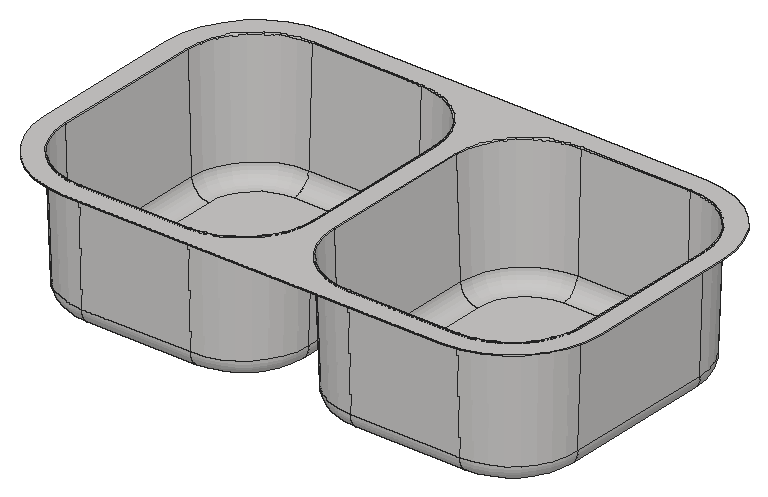
Revit family
Parameters
  Length = 766 mm  # constant formula
  Waste Connection Radius = Waste Connection Diameter / 2  # 45 mm
  Waste Connection = 1 = 1  # yes
  Vent Connection = 1 = 0  # no
  URL = "www.kwikot.com"
  Product Code = "SDI-770-DUM"
  Model = "Classique Designer Iris Series"
  Manufacturer = "Kwikot"  # constant formula
  Keynote = "22 41 16.16"
  Drain Stopper Visibility = yes
  Description = "Double Stainless Steel Undermount Sink"
  Width = 456 mm  # constant formula
  Depth = 180 mm  # constant formula
  HW Connection = 1 = 0  # no
  Family created by = "www.rbuiltcomponents.com"
  Waste Connection Diameter = 90 mm  # constant formula
  CW Connection = 1 = 0  # no
  Body Finish = Stainless_Steel-Kwikot-Satin
  Assembly Code = "D2010410"
Reference planes
  plane 1 "Bottom": z = 0
  plane 2 "Center (Left/Right)": x = 120
  plane 3 "Center (Front/Back)": y = -168
  plane 4 "Top": z = 180
  plane 5: x = 225
  plane 6: x = 503
  plane 7: x = -263
  plane 8: y = 60
  plane 9: y = -396
  plane 10: y = 32
  plane 11: y = -368
  plane 12: x = 105
  plane 13: x = 135
  plane 14: x = -235
  plane 15: x = 475
  plane 16: x = 15
Forms (mm)
  Sweep 1, solid, material "Stainless_Steel-Kwikot-Satin" <- "Body Finish"
    path origin (0, 0, 180) x (-1, 0, 0) y (0, -1, 0)
      loop
        arc (-230, -32) -> (-162.825, -4.175) -> (-135, 63) r 95
        line (-135, 63) -> (-135, 273)
        arc (-135, 273) -> (-162.825, 340.175) -> (-230, 368) r 95
        line (-230, 368) -> (-380, 368)
        arc (-380, 368) -> (-447.175, 340.175) -> (-475, 273) r 95
        line (-475, 273) -> (-475, 63)
        arc (-475, 63) -> (-447.175, -4.175) -> (-380, -32) r 95
        line (-380, -32) -> (-230, -32)
    profile origin (305, 32, 180) x (0, 1, 0) y (0, 0, 1)
      loop
        line (-32.968, -179) -> (-32.968, -180) -> (-29.377, -180)
        arc (-29.377, -180) -> (-12.01, -172.983) -> (-4.392, -155.872) r 25
        line (-4.392, -155.872) -> (0.989, -1.772)
        arc (0.989, -1.772) -> (1.233, -1.225) -> (1.789, -1) r 0.8
        line (1.789, -1) -> (28, -1) -> (28, 0) -> (1.209, 0)
        arc (1.209, 0) -> (0.376, -0.337) -> (0.01, -1.158) r 1.2
        line (0.01, -1.158) -> (-5.391, -155.838)
        arc (-5.391, -155.838) -> (-12.705, -172.264) -> (-29.377, -179) r 24
        line (-29.377, -179) -> (-32.968, -179)
  Revolve 2, solid, material "Stainless_Steel-Kwikot-Satin" <- "Body Finish"
    sketch origin (135, -168, 0) x (1, 0, 0) y (0, 0, 1)
      loop
        line (45, -2.086) -> (41.405, -2.086)
        arc (41.405, -2.086) -> (40.76, -1.763) -> (40.5, -1.091) r 1
        line (40.5, -1.091) -> (40.5, 0)
        arc (40.5, 0) -> (40.207, 0.707) -> (39.5, 1) r 1
        line (39.5, 1) -> (38.5, 1) -> (38.5, 0) -> (39.5, 0) -> (39.5, -1.091)
        arc (39.5, -1.091) -> (40.039, -2.457) -> (41.366, -3.086) r 2
        line (41.366, -3.086) -> (44, -3.086) -> (44, -7) -> (45, -7) -> (45, -2.086)
      axis (90, 1) -> (90, -7)
    angle from 0 to 360
  Extrusion 3, solid, material "Stainless_Steel-Kwikot-Satin" <- "Body Finish"
    sketch origin (235, 0, 0) x (1, 0, 0) y (0, 1, 0)
      loop
        circle (-10, -168) r 51.5
      loop
        arc (-67.032, -273) -> (-48.863, -316.863) -> (-5, -335.032) r 62.032
        line (-5, -335.032) -> (145, -335.032)
        arc (145, -335.032) -> (188.863, -316.863) -> (207.032, -273) r 62.032
        line (207.032, -273) -> (207.032, -63)
        arc (207.032, -63) -> (188.863, -19.137) -> (145, -0.968) r 62.032
        line (145, -0.968) -> (-5, -0.968)
        arc (-5, -0.968) -> (-48.863, -19.137) -> (-67.032, -63) r 62.032
        line (-67.032, -63) -> (-67.032, -273)
      loop
        circle (-220, -168) r 51.5
      loop
        line (-162.968, -273) -> (-162.968, -63)
        arc (-162.968, -63) -> (-181.137, -19.137) -> (-225, -0.968) r 62.032
        line (-225, -0.968) -> (-375, -0.968)
        arc (-375, -0.968) -> (-418.863, -19.137) -> (-437.032, -63) r 62.032
        line (-437.032, -63) -> (-437.032, -273)
        arc (-437.032, -273) -> (-418.863, -316.863) -> (-375, -335.032) r 62.032
        line (-375, -335.032) -> (-225, -335.032)
        arc (-225, -335.032) -> (-181.137, -316.863) -> (-162.968, -273) r 62.032
    from 1 to 0
  Revolve 4, solid, material "Stainless_Steel-Kwikot-Satin" <- "Body Finish", visible <- "Drain Stopper Visibility"
    sketch origin (135, -168, 0) x (1, 0, 0) y (0, 0, 1)
      loop
        line (90, 1.027) -> (85.956, 1.027)
        arc (85.956, 1.027) -> (84.706, -0.223) -> (85.956, -1.473) r 1.25
        line (85.956, -1.473) -> (87, -1.473) -> (87, -6.473)
        arc (87, -6.473) -> (85.828, -9.301) -> (83, -10.473) r 4
        line (83, -10.473) -> (55, -10.473)
        arc (55, -10.473) -> (51.464, -9.008) -> (50, -5.473) r 5
        line (50, -5.473) -> (50, -3.995)
        arc (50, -3.995) -> (49.962, -2.357) -> (48.55, -3.187) r 0.95
        line (48.55, -3.187) -> (48.55, -1.607)
        arc (48.55, -1.607) -> (48.257, -0.9) -> (47.55, -0.607) r 1
        line (47.55, -0.607) -> (41.55, -0.607) -> (41.55, -1.607) -> (47.55, -1.607) -> (47.55, -5.473) -> (49, -5.473)
        arc (49, -5.473) -> (50.757, -9.715) -> (55, -11.473) r 6
        line (55, -11.473) -> (90, -11.473) -> (90, 1.027)
      axis (90, 1.027) -> (90, -11.473)
    angle from 0 to 360
  Extrusion 5, void
    sketch origin (179.837, 0, 0) x (1, 0, 0) y (0, 1, 0)
      loop
        line (12.075, -166.5) -> (12.075, -169.5) -> (30.075, -169.5) -> (30.075, -166.5) -> (12.075, -166.5)
      loop
        line (78.075, -166.5) -> (60.075, -166.5) -> (60.075, -169.5) -> (78.075, -169.5) -> (78.075, -166.5)
      loop
        line (14.013, -179.243) -> (15.161, -182.014) -> (31.791, -175.126) -> (30.643, -172.354) -> (14.013, -179.243)
      loop
        line (74.989, -153.986) -> (58.359, -160.874) -> (59.507, -163.646) -> (76.137, -156.757) -> (74.989, -153.986)
      loop
        line (20.68, -190.274) -> (22.801, -192.395) -> (35.529, -179.667) -> (33.408, -177.546) -> (20.68, -190.274)
      loop
        line (67.349, -143.605) -> (54.621, -156.333) -> (56.742, -158.454) -> (69.47, -145.726) -> (67.349, -143.605)
      loop
        line (31.061, -197.914) -> (33.832, -199.062) -> (40.721, -182.432) -> (37.949, -181.284) -> (31.061, -197.914)
      loop
        line (56.318, -136.938) -> (49.43, -153.568) -> (52.201, -154.716) -> (59.09, -138.086) -> (56.318, -136.938)
      loop
        line (43.575, -201) -> (46.575, -201) -> (46.575, -183) -> (43.575, -183) -> (43.575, -201)
      loop
        line (43.575, -135) -> (43.575, -153) -> (46.575, -153) -> (46.575, -135) -> (43.575, -135)
      loop
        line (56.318, -199.062) -> (59.09, -197.914) -> (52.201, -181.284) -> (49.43, -182.432) -> (56.318, -199.062)
      loop
        line (31.061, -138.086) -> (37.949, -154.716) -> (40.721, -153.568) -> (33.832, -136.938) -> (31.061, -138.086)
      loop
        line (67.349, -192.395) -> (69.47, -190.274) -> (56.742, -177.546) -> (54.621, -179.667) -> (67.349, -192.395)
      loop
        line (20.68, -145.726) -> (33.408, -158.454) -> (35.529, -156.333) -> (22.801, -143.605) -> (20.68, -145.726)
      loop
        line (74.989, -182.014) -> (76.137, -179.243) -> (59.507, -172.354) -> (58.359, -175.126) -> (74.989, -182.014)
      loop
        line (14.013, -156.757) -> (30.643, -163.646) -> (31.791, -160.874) -> (15.161, -153.986) -> (14.013, -156.757)
      loop
        line (-131.749, -166.5) -> (-149.749, -166.5) -> (-149.749, -169.5) -> (-131.749, -169.5) -> (-131.749, -166.5)
      loop
        line (-197.749, -166.5) -> (-197.749, -169.5) -> (-179.749, -169.5) -> (-179.749, -166.5) -> (-197.749, -166.5)
      loop
        line (-133.687, -179.243) -> (-150.317, -172.354) -> (-151.465, -175.126) -> (-134.835, -182.014) -> (-133.687, -179.243)
      loop
        line (-194.663, -153.986) -> (-195.811, -156.757) -> (-179.181, -163.646) -> (-178.033, -160.874) -> (-194.663, -153.986)
      loop
        line (-140.354, -190.274) -> (-153.082, -177.546) -> (-155.203, -179.667) -> (-142.475, -192.395) -> (-140.354, -190.274)
      loop
        line (-187.023, -143.605) -> (-189.144, -145.726) -> (-176.416, -158.454) -> (-174.295, -156.333) -> (-187.023, -143.605)
      loop
        line (-150.735, -197.914) -> (-157.623, -181.284) -> (-160.395, -182.432) -> (-153.506, -199.062) -> (-150.735, -197.914)
      loop
        line (-175.992, -136.938) -> (-178.763, -138.086) -> (-171.875, -154.716) -> (-169.103, -153.568) -> (-175.992, -136.938)
      loop
        line (-163.249, -201) -> (-163.249, -183) -> (-166.249, -183) -> (-166.249, -201) -> (-163.249, -201)
      loop
        line (-163.249, -135) -> (-166.249, -135) -> (-166.249, -153) -> (-163.249, -153) -> (-163.249, -135)
      loop
        line (-175.992, -199.062) -> (-169.103, -182.432) -> (-171.875, -181.284) -> (-178.763, -197.914) -> (-175.992, -199.062)
      loop
        line (-150.735, -138.086) -> (-153.506, -136.938) -> (-160.395, -153.568) -> (-157.623, -154.716) -> (-150.735, -138.086)
      loop
        line (-187.023, -192.395) -> (-174.295, -179.667) -> (-176.416, -177.546) -> (-189.144, -190.274) -> (-187.023, -192.395)
      loop
        line (-140.354, -145.726) -> (-142.475, -143.605) -> (-155.203, -156.333) -> (-153.082, -158.454) -> (-140.354, -145.726)
      loop
        line (-194.663, -182.014) -> (-178.033, -175.126) -> (-179.181, -172.354) -> (-195.811, -179.243) -> (-194.663, -182.014)
      loop
        line (-133.687, -156.757) -> (-134.835, -153.986) -> (-151.465, -160.874) -> (-150.317, -163.646) -> (-133.687, -156.757)
    from -16.779 to 10
  Sweep 6, solid, material "Stainless_Steel-Kwikot-Satin" <- "Body Finish"
    path origin (240, 0, 180) x (1, 0, 0) y (0, -1, 0)
      loop
        arc (-230, -32) -> (-162.825, -4.175) -> (-135, 63) r 95
        line (-135, 63) -> (-135, 273)
        arc (-135, 273) -> (-162.825, 340.175) -> (-230, 368) r 95
        line (-230, 368) -> (-380, 368)
        arc (-380, 368) -> (-447.175, 340.175) -> (-475, 273) r 95
        line (-475, 273) -> (-475, 63)
        arc (-475, 63) -> (-447.175, -4.175) -> (-380, -32) r 95
        line (-380, -32) -> (-230, -32)
    profile origin (-65, 32, 180) x (0, -1, 0) y (0, 0, 1)
      loop
        line (32.968, -179) -> (29.377, -179)
        arc (29.377, -179) -> (12.705, -172.264) -> (5.391, -155.838) r 24
        line (5.391, -155.838) -> (-0.01, -1.158)
        arc (-0.01, -1.158) -> (-0.376, -0.337) -> (-1.209, 0) r 1.2
        line (-1.209, 0) -> (-28, 0) -> (-28, -1) -> (-1.789, -1)
        arc (-1.789, -1) -> (-1.233, -1.225) -> (-0.989, -1.772) r 0.8
        line (-0.989, -1.772) -> (4.392, -155.872)
        arc (4.392, -155.872) -> (12.01, -172.983) -> (29.377, -180) r 25
        line (29.377, -180) -> (32.968, -180) -> (32.968, -179)
  Revolve 7, solid, material "Stainless_Steel-Kwikot-Satin" <- "Body Finish", visible <- "Drain Stopper Visibility"
    sketch origin (105, -168, 0) x (-1, 0, 0) y (0, 0, 1)
      loop
        line (90, 1.027) -> (85.956, 1.027)
        arc (85.956, 1.027) -> (84.706, -0.223) -> (85.956, -1.473) r 1.25
        line (85.956, -1.473) -> (87, -1.473) -> (87, -6.473)
        arc (87, -6.473) -> (85.828, -9.301) -> (83, -10.473) r 4
        line (83, -10.473) -> (55, -10.473)
        arc (55, -10.473) -> (51.464, -9.008) -> (50, -5.473) r 5
        line (50, -5.473) -> (50, -3.995)
        arc (50, -3.995) -> (49.962, -2.357) -> (48.55, -3.187) r 0.95
        line (48.55, -3.187) -> (48.55, -1.607)
        arc (48.55, -1.607) -> (48.257, -0.9) -> (47.55, -0.607) r 1
        line (47.55, -0.607) -> (41.55, -0.607) -> (41.55, -1.607) -> (47.55, -1.607) -> (47.55, -5.473) -> (49, -5.473)
        arc (49, -5.473) -> (50.757, -9.715) -> (55, -11.473) r 6
        line (55, -11.473) -> (90, -11.473) -> (90, 1.027)
      axis (90, 1.027) -> (90, -11.473)
    angle from 0 to 360
  Revolve 8, solid, material "Stainless_Steel-Kwikot-Satin" <- "Body Finish"
    sketch origin (105, -168, 0) x (-1, 0, 0) y (0, 0, 1)
      loop
        line (45, -2.086) -> (41.405, -2.086)
        arc (41.405, -2.086) -> (40.76, -1.763) -> (40.5, -1.091) r 1
        line (40.5, -1.091) -> (40.5, 0)
        arc (40.5, 0) -> (40.207, 0.707) -> (39.5, 1) r 1
        line (39.5, 1) -> (38.5, 1) -> (38.5, 0) -> (39.5, 0) -> (39.5, -1.091)
        arc (39.5, -1.091) -> (40.039, -2.457) -> (41.366, -3.086) r 2
        line (41.366, -3.086) -> (44, -3.086) -> (44, -7) -> (45, -7) -> (45, -2.086)
      axis (90, 1) -> (90, -7)
    angle from 0 to 360
  Extrusion 9, solid, material "Stainless_Steel-Kwikot-Satin" <- "Body Finish"
    sketch origin (0, 0, 180) x (-1, 0, 0) y (0, -1, 0)
      loop
        arc (-120, 7.964) -> (-165.349, -41.639) -> (-230, -60) r 123
        line (-230, -60) -> (-10, -60)
        arc (-10, -60) -> (-74.651, -41.639) -> (-120, 7.964) r 123
      loop
        line (-10, 396) -> (-230, 396)
        arc (-230, 396) -> (-165.349, 377.639) -> (-120, 328.036) r 123
        arc (-120, 328.036) -> (-74.651, 377.639) -> (-10, 396) r 123
    from 0 to -1
Cuts and joins
  Extrusion 5 cuts Revolve 4
  joined: Sweep 1, Extrusion 3, Sweep 6, Revolve 8, Extrusion 9
  Extrusion 5 cuts Revolve 7
Lines and regions (mm)
  Masking region 1
    outline origin (0, 0, 0) x (1, 0, 0) y (0, 1, 0)
      loop
        arc (-135, 60) -> (-225.51, 22.51) -> (-263, -68) r 128
        line (-263, -68) -> (-263, -268)
        arc (-263, -268) -> (-225.51, -358.51) -> (-135, -396) r 128
        line (-135, -396) -> (375, -396)
        arc (375, -396) -> (465.51, -358.51) -> (503, -268) r 128
        line (503, -268) -> (503, -68)
        arc (503, -68) -> (465.51, 22.51) -> (375, 60) r 128
        line (375, 60) -> (-135, 60)
  Masking region 2
    outline origin (0, -168, 0) x (1, 0, 0) y (0, 0, 1)
      loop
        line (503, 180) -> (-263, 180) -> (-263, 179) -> (-237.963, 179)
        arc (-237.963, 179) -> (-236.573, 178.439) -> (-235.964, 177.07) r 2
        line (-235.964, 177.07) -> (-232.256, 30.883)
        arc (-232.256, 30.883) -> (-222.504, 8.981) -> (-200.275, 0) r 32
        line (-200.275, 0) -> (-31.27, 0) -> (-27.77, -7) -> (58.766, -7) -> (62.266, 0) -> (70.275, 0)
        arc (70.275, 0) -> (92.504, 8.981) -> (102.256, 30.883) r 32
        line (102.256, 30.883) -> (105.964, 177.07)
        arc (105.964, 177.07) -> (106.573, 178.439) -> (107.963, 179) r 2
        line (107.963, 179) -> (132.037, 179)
        arc (132.037, 179) -> (133.427, 178.439) -> (134.036, 177.07) r 2
        line (134.036, 177.07) -> (137.744, 30.883)
        arc (137.744, 30.883) -> (147.496, 8.981) -> (169.725, 0) r 32
        line (169.725, 0) -> (177.734, 0) -> (181.234, -7) -> (267.77, -7) -> (271.278, 0.015) -> (441.264, 0.015)
        arc (441.264, 0.015) -> (462.857, 9.327) -> (472.256, 30.883) r 32
        line (472.256, 30.883) -> (475.964, 177.07)
        arc (475.964, 177.07) -> (476.573, 178.439) -> (477.963, 179) r 2
        line (477.963, 179) -> (503, 179) -> (503, 180)
  Masking region 3
    outline origin (120, 0, 0) x (0, 1, 0) y (0, 0, 1)
      loop
        line (60, 180) -> (-396, 180) -> (-396, 179) -> (-368.479, 179) -> (-364.703, 30.883)
        arc (-364.703, 30.883) -> (-354.952, 8.981) -> (-332.723, 0) r 32
        line (-332.723, 0) -> (-215.625, 0) -> (-212.125, -7) -> (-121.625, -7) -> (-118.125, 0) -> (-3.756, 0)
        arc (-3.756, 0) -> (18.473, 8.981) -> (28.224, 30.883) r 32
        line (28.224, 30.883) -> (32, 179) -> (60, 179) -> (60, 180)
  symbolic lines, style "Sink"
    curve 1: arc (180, -168, 0) -> (225, -123, 0) -> (270, -168, 0) r 45
    curve 2: arc (270, -168, 0) -> (225, -213, 0) -> (180, -168, 0) r 45
    curve 5: line (271.27, -168, 0) -> (177.27, -168, 0)
    curve 6: line (120, -118.125, 0) -> (120, -215.625, 0)
    curve 7: arc (235, 32, 0) -> (164.289, 2.711, 0) -> (135, -68, 0) r 100
    curve 8: arc (475, -68, 0) -> (445.711, 2.711, 0) -> (375, 32, 0) r 100
    curve 9: arc (135, -268, 0) -> (164.289, -338.711, 0) -> (235, -368, 0) r 100
    curve 10: arc (375, -368, 0) -> (445.711, -338.711, 0) -> (475, -268, 0) r 100
    curve 11: line (475, -68, 0) -> (475, -268, 0)
    curve 12: line (375, 32, 0) -> (235, 32, 0)
    curve 13: line (135, -68, 0) -> (135, -268, 0)
    curve 14: line (235, -368, 0) -> (375, -368, 0)
    curve 15: arc (60, -168, 0) -> (15, -123, 0) -> (-30, -168, 0) r 45
    curve 16: arc (-30, -168, 0) -> (15, -213, 0) -> (60, -168, 0) r 45
    curve 19: arc (5, 32, 0) -> (75.711, 2.711, 0) -> (105, -68, 0) r 100
    curve 20: arc (-235, -68, 0) -> (-205.711, 2.711, 0) -> (-135, 32, 0) r 100
    curve 21: arc (105, -268, 0) -> (75.711, -338.711, 0) -> (5, -368, 0) r 100
    curve 22: arc (-135, -368, 0) -> (-205.711, -338.711, 0) -> (-235, -268, 0) r 100
    curve 23: line (-235, -68, 0) -> (-235, -268, 0)
    curve 24: line (-135, 32, 0) -> (5, 32, 0)
    curve 25: line (105, -68, 0) -> (105, -268, 0)
    curve 26: line (5, -368, 0) -> (-135, -368, 0)
    curve 27: line (-31.27, -168, 0) -> (62.73, -168, 0)
  symbolic lines, style "Sink", detail levels fine
    curve 3: arc (170, -168, 0) -> (225, -113, 0) -> (280, -168, 0) r 55
    curve 4: arc (280, -168, 0) -> (225, -223, 0) -> (170, -168, 0) r 55
    curve 17: arc (70, -168, 0) -> (15, -113, 0) -> (-40, -168, 0) r 55
    curve 18: arc (-40, -168, 0) -> (15, -223, 0) -> (70, -168, 0) r 55
Dimensions and locks
  "Depth": plane 4 "Top" to level
  equal spacing: plane 7, plane 2 "Center (Left/Right)", plane 6
  locked: plane 7 to plane 6 at 766
  plane 14 to plane 12 to plane 13 to plane 15 = 340 mm locked, 30 mm locked, 340 mm locked
  equal spacing: plane 12, plane 2 "Center (Left/Right)", plane 13
  equal spacing: plane 9, plane 3 "Center (Front/Back)", plane 8
  locked: plane 9 to plane 8 at 456
  equal spacing: plane 11, plane 3 "Center (Front/Back)", plane 10
  locked: plane 11 to plane 10 at 400
  locked: plane 13 to plane 5 at 90
  locked: plane 16 to plane 12 at 90
  aligned and locked: Masking region 3 to curve 6
  aligned and locked: curve 6 to Masking region 3
  aligned and locked: plane 4 "Top" to Masking region 2 sketch curve
  aligned and locked: Masking region 3 sketch curve to plane 4 "Top"
  aligned and locked: level to Masking region 3 sketch curve  (x2)
  aligned and locked: Sweep 1 sketch curve to plane 15
  aligned and locked: plane 10 to Sweep 1 sketch curve
  aligned and locked: plane 13 to Sweep 1 sketch curve
  aligned and locked: Sweep 1 sketch curve to plane 11
  aligned and locked: curve 11 to plane 15
  aligned and locked: curve 13 to plane 13
  aligned and locked: curve 12 to plane 10
  aligned and locked: plane 11 to curve 14
  aligned and locked: Extrusion 9 sketch curve to plane 9
  aligned and locked: Extrusion 9 sketch curve to plane 8
  aligned and locked: plane 7 to Masking region 1 sketch curve
  aligned and locked: Masking region 1 sketch curve to plane 6
  aligned and locked: plane 8 to Masking region 1 sketch curve
  aligned and locked: Masking region 1 sketch curve to plane 9
  aligned and locked: Masking region 3 sketch curve to plane 8
  aligned and locked: Masking region 3 sketch curve to plane 9
Automatic sketch dimensions
  plane 3 "Center (Front/Back)" to curve 6 = 47.625 mm
  curve 1 to curve 2 = 0 mm  (x2)
  curve 1 to curve 3 = 0 mm  (x2)
  curve 1 to curve 4 = 0 mm  (x2)
  curve 2 to curve 3 = 0 mm  (x2)
  curve 2 to curve 4 = 0 mm  (x2)
  curve 3 to curve 4 = 0 mm  (x2)
  curve 15 to curve 16 = 0 mm  (x2)
  curve 15 to curve 17 = 0 mm  (x2)
  curve 15 to curve 18 = 0 mm  (x2)
  curve 16 to curve 17 = 0 mm  (x2)
  curve 16 to curve 18 = 0 mm  (x2)
  curve 17 to curve 18 = 0 mm  (x2)
  curve 23 to plane 14 = 0 mm
  plane 10 to curve 24 = 0 mm
  plane 11 to curve 26 = 0 mm
  plane 3 "Center (Front/Back)" to curve 17 = 0 mm
  curve 25 to plane 12 = 0 mm
  plane 3 "Center (Front/Back)" to curve 4 = 0 mm
  curve 3 to plane 5 = 0 mm
  plane 14 to curve 24 = 100 mm
  plane 14 to curve 26 = 100 mm
  curve 20 to curve 17 = 95 mm
  curve 17 to curve 16 = 10 mm
  curve 19 to plane 12 = 100 mm
  curve 26 to plane 12 = 100 mm
  curve 15 to curve 16 = 45 mm
  plane 13 to curve 4 = 35 mm
  curve 3 to curve 1 = 10 mm
  plane 5 to curve 12 = 10 mm
  plane 5 to curve 9 = 10 mm
  curve 14 to plane 15 = 100 mm
  curve 8 to plane 15 = 100 mm
  Sweep 1 sketch curve to plane 11 = 95 mm
  plane 10 to Sweep 1 sketch curve = 95 mm
  plane 5 to Sweep 1 sketch curve = 5 mm  (x2)
  Revolve 2 sketch curve to Revolve 2 sketch curve = 0 mm  (x3)
  Revolve 2 sketch curve to level = 0 mm  (x2)
  Revolve 2 sketch curve to plane 5 = 0 mm
  Revolve 2 sketch curve to level = 7 mm
  Revolve 2 sketch curve to plane 5 = 45 mm
  Revolve 2 sketch curve to Revolve 2 sketch curve = 1 mm  (x4)
  Revolve 2 sketch curve to level = 1.091 mm
  Revolve 2 sketch curve to Revolve 2 sketch curve = 2.5 mm
  Revolve 2 sketch curve to Revolve 2 sketch curve = 0.095 mm
  Revolve 2 sketch curve to Revolve 2 sketch curve = 0.039 mm
  Revolve 2 sketch curve to level = 24.058 mm
  level to Revolve 2 sketch curve = 25.942 mm
  Extrusion 3 sketch curve to Extrusion 3 sketch curve = 0 mm  (x4)
  plane 3 "Center (Front/Back)" to Extrusion 3 sketch curve = 0 mm  (x2)
  Extrusion 3 sketch curve to plane 5 = 0 mm
  plane 13 to Extrusion 3 sketch curve = 38.5 mm
  plane 13 to Extrusion 3 sketch curve = 32.968 mm
  Extrusion 3 sketch curve to plane 12 = 32.968 mm
  Extrusion 3 sketch curve to plane 12 = 38.5 mm
  Extrusion 3 sketch curve to Extrusion 3 sketch curve = 51.5 mm
  Extrusion 3 sketch curve to plane 11 = 32.968 mm  (x2)
  Extrusion 3 sketch curve to Extrusion 3 sketch curve = 62.032 mm  (x2)
  plane 10 to Extrusion 3 sketch curve = 32.968 mm
  plane 14 to Extrusion 3 sketch curve = 95 mm  (x2)
  plane 14 to Extrusion 3 sketch curve = 32.968 mm
  plane 5 to Extrusion 3 sketch curve = 5 mm  (x2)
  Extrusion 3 sketch curve to plane 15 = 95 mm  (x2)
  Extrusion 3 sketch curve to plane 15 = 32.968 mm
  plane 10 to Extrusion 3 sketch curve = 95 mm
  Revolve 4 sketch curve to Revolve 4 sketch curve = 0 mm  (x5)
  Revolve 4 sketch curve to plane 5 = 0 mm  (x2)
  Revolve 4 sketch curve to plane 5 = 3 mm
  Revolve 4 sketch curve to level = 0.223 mm
  Revolve 4 sketch curve to Revolve 4 sketch curve = 1.044 mm
  Revolve 4 sketch curve to Revolve 4 sketch curve = 4 mm
  Revolve 4 sketch curve to level = 11.473 mm
  Revolve 4 sketch curve to Revolve 4 sketch curve = 28 mm
  Revolve 4 sketch curve to Revolve 4 sketch curve = 5 mm
  Revolve 4 sketch curve to Revolve 4 sketch curve = 0.5 mm
  Revolve 4 sketch curve to Revolve 4 sketch curve = 1 mm  (x3)
  Revolve 4 sketch curve to Revolve 4 sketch curve = 0.95 mm
  Revolve 4 sketch curve to level = 0.607 mm
  Revolve 4 sketch curve to Revolve 4 sketch curve = 6 mm
  Revolve 4 sketch curve to Revolve 4 sketch curve = 12.558 mm
  Revolve 4 sketch curve to Revolve 4 sketch curve = 1.478 mm
  Revolve 4 sketch curve to level = 1.473 mm
  Revolve 4 sketch curve to Revolve 4 sketch curve = 24.942 mm
  Masking region 3 sketch curve to plane 10 = 0 mm
  plane 10 to Masking region 3 sketch curve = 3.776 mm
  plane 10 to Masking region 3 sketch curve = 35.756 mm
  Masking region 3 sketch curve to plane 3 "Center (Front/Back)" = 49.875 mm
  Masking region 3 sketch curve to level = 7 mm
  Masking region 3 sketch curve to Masking region 3 sketch curve = 3.5 mm  (x2)
  plane 3 "Center (Front/Back)" to Masking region 3 sketch curve = 44.125 mm
  Masking region 3 sketch curve to plane 11 = 35.277 mm
  Masking region 3 sketch curve to plane 11 = 3.297 mm
  plane 11 to Masking region 3 sketch curve = 0.479 mm
  Masking region 3 sketch curve to plane 4 "Top" = 1 mm  (x2)
  level to Masking region 3 sketch curve = 30.883 mm  (x2)
  Sweep 6 sketch curve to plane 14 = 0 mm
  plane 11 to Sweep 6 sketch curve = 0 mm
  plane 10 to Sweep 6 sketch curve = 0 mm
  Sweep 6 sketch curve to plane 12 = 0 mm
  Sweep 6 sketch curve to Sweep 6 sketch curve = 95 mm
  Sweep 6 sketch curve to plane 10 = 95 mm
  plane 11 to Sweep 6 sketch curve = 95 mm
  plane 12 to Sweep 6 sketch curve = 95 mm
  Revolve 7 sketch curve to Revolve 7 sketch curve = 0 mm  (x5)
  level to Revolve 7 sketch curve = 1.607 mm  (x2)
  plane 12 to Revolve 7 sketch curve = 41.55 mm
  Revolve 7 sketch curve to Revolve 7 sketch curve = 6 mm
  Revolve 7 sketch curve to Revolve 7 sketch curve = 1 mm  (x2)
  Revolve 7 sketch curve to Revolve 7 sketch curve = 1.45 mm
  Revolve 7 sketch curve to Revolve 7 sketch curve = 0.95 mm
  Revolve 7 sketch curve to Revolve 7 sketch curve = 0.5 mm
  Revolve 7 sketch curve to Revolve 7 sketch curve = 5 mm
  level to Revolve 7 sketch curve = 10.473 mm
  Revolve 7 sketch curve to Revolve 7 sketch curve = 28 mm
  Revolve 7 sketch curve to level = 1.027 mm
  Revolve 7 sketch curve to Revolve 7 sketch curve = 2.956 mm
  Revolve 7 sketch curve to Revolve 7 sketch curve = 1.044 mm
  Revolve 7 sketch curve to Revolve 7 sketch curve = 3 mm
  Revolve 7 sketch curve to Revolve 7 sketch curve = 12.558 mm
  Revolve 7 sketch curve to Revolve 7 sketch curve = 1.478 mm
  level to Revolve 7 sketch curve = 1.473 mm
  Revolve 7 sketch curve to Revolve 7 sketch curve = 24.942 mm
  Revolve 8 sketch curve to Revolve 8 sketch curve = 0 mm  (x3)
  Revolve 8 sketch curve to level = 0 mm  (x2)
  Revolve 8 sketch curve to level = 1 mm
  plane 12 to Revolve 8 sketch curve = 38.5 mm
  Revolve 8 sketch curve to Revolve 8 sketch curve = 1 mm  (x3)
  Revolve 8 sketch curve to Revolve 8 sketch curve = 0.866 mm
  Revolve 8 sketch curve to Revolve 8 sketch curve = 0.039 mm
  Revolve 8 sketch curve to Revolve 8 sketch curve = 2.634 mm
  Revolve 8 sketch curve to level = 25.942 mm
  Revolve 8 sketch curve to Revolve 8 sketch curve = 45 mm
  level to Revolve 8 sketch curve = 1.091 mm
  Revolve 8 sketch curve to Revolve 8 sketch curve = 3.914 mm
  level to Revolve 8 sketch curve = 24.058 mm
  Extrusion 5 sketch curve to plane 3 "Center (Front/Back)" = 1.5 mm  (x4)
  Extrusion 5 sketch curve to plane 12 = 122.912 mm
  plane 3 "Center (Front/Back)" to Extrusion 5 sketch curve = 11.243 mm  (x2)
  Extrusion 5 sketch curve to Extrusion 5 sketch curve = 1.938 mm  (x11)
  Extrusion 5 sketch curve to plane 3 "Center (Front/Back)" = 11.243 mm  (x2)
  Extrusion 5 sketch curve to plane 3 "Center (Front/Back)" = 14.014 mm  (x3)
  Extrusion 5 sketch curve to Extrusion 5 sketch curve = 1.148 mm  (x12)
  plane 3 "Center (Front/Back)" to Extrusion 5 sketch curve = 14.014 mm  (x3)
  Extrusion 5 sketch curve to plane 3 "Center (Front/Back)" = 22.274 mm
  Extrusion 5 sketch curve to Extrusion 5 sketch curve = 5.519 mm  (x8)
  plane 3 "Center (Front/Back)" to Extrusion 5 sketch curve = 22.274 mm
  Extrusion 5 sketch curve to plane 3 "Center (Front/Back)" = 24.395 mm  (x2)
  Extrusion 5 sketch curve to Extrusion 5 sketch curve = 2.121 mm  (x12)
  plane 3 "Center (Front/Back)" to Extrusion 5 sketch curve = 24.395 mm  (x2)
  Extrusion 5 sketch curve to Extrusion 5 sketch curve = 18 mm
  Extrusion 5 sketch curve to plane 3 "Center (Front/Back)" = 4.354 mm  (x4)
  plane 3 "Center (Front/Back)" to Extrusion 5 sketch curve = 4.354 mm  (x4)
  Extrusion 5 sketch curve to Extrusion 5 sketch curve = 8.259 mm  (x7)
  plane 3 "Center (Front/Back)" to Extrusion 5 sketch curve = 9.546 mm  (x2)
  Extrusion 5 sketch curve to plane 3 "Center (Front/Back)" = 9.546 mm  (x2)
  plane 3 "Center (Front/Back)" to Extrusion 5 sketch curve = 31.062 mm  (x2)
  Extrusion 5 sketch curve to Extrusion 5 sketch curve = 2.772 mm  (x9)
  Extrusion 5 sketch curve to plane 3 "Center (Front/Back)" = 31.062 mm  (x2)
  plane 3 "Center (Front/Back)" to Extrusion 5 sketch curve = 13.284 mm  (x2)
  Extrusion 5 sketch curve to Extrusion 5 sketch curve = 2.42 mm  (x10)
  Extrusion 5 sketch curve to plane 3 "Center (Front/Back)" = 13.284 mm  (x2)
  Extrusion 5 sketch curve to Extrusion 5 sketch curve = 9.743 mm  (x4)
  Extrusion 5 sketch curve to Extrusion 5 sketch curve = 3 mm  (x2)
  plane 3 "Center (Front/Back)" to Extrusion 5 sketch curve = 14.432 mm
  Extrusion 5 sketch curve to Extrusion 5 sketch curve = 2.854 mm  (x4)
  Extrusion 5 sketch curve to plane 3 "Center (Front/Back)" = 14.432 mm
  plane 3 "Center (Front/Back)" to Extrusion 5 sketch curve = 11.667 mm
  Extrusion 5 sketch curve to plane 3 "Center (Front/Back)" = 11.667 mm
  plane 3 "Center (Front/Back)" to Extrusion 5 sketch curve = 7.126 mm
  Extrusion 5 sketch curve to Extrusion 5 sketch curve = 1.617 mm  (x8)
  Extrusion 5 sketch curve to plane 3 "Center (Front/Back)" = 7.126 mm
  Extrusion 5 sketch curve to Extrusion 5 sketch curve = 0.568 mm  (x6)
  plane 3 "Center (Front/Back)" to Extrusion 5 sketch curve = 1.5 mm  (x4)
  Extrusion 5 sketch curve to plane 5 = 33.088 mm
  Extrusion 5 sketch curve to plane 5 = 15.088 mm
  Extrusion 5 sketch curve to plane 5 = 1.588 mm  (x2)
  plane 5 to Extrusion 5 sketch curve = 1.412 mm  (x2)
  Extrusion 5 sketch curve to Extrusion 5 sketch curve = 23.936 mm
  Extrusion 9 sketch curve to plane 2 "Center (Left/Right)" = 0 mm  (x2)
  plane 5 to Extrusion 9 sketch curve = 5 mm  (x2)
  Extrusion 9 sketch curve to plane 12 = 95 mm
  plane 10 to Extrusion 9 sketch curve = 39.964 mm
  Extrusion 9 sketch curve to plane 2 "Center (Left/Right)" = 110 mm
  plane 3 "Center (Front/Back)" to Extrusion 9 sketch curve = 105 mm
  Extrusion 9 sketch curve to plane 6 = 273 mm  (x2)
  plane 7 to Extrusion 9 sketch curve = 273 mm  (x2)
  plane 8 to Extrusion 9 sketch curve = 0 mm  (x2)
  plane 9 to Extrusion 9 sketch curve = 0 mm  (x2)
  plane 10 to Masking region 1 sketch curve = 100 mm
  plane 14 to Masking region 1 sketch curve = 100 mm
  Masking region 1 sketch curve to plane 15 = 100 mm
  Masking region 1 sketch curve to plane 11 = 100 mm
  Sweep 6 sketch curve to Sweep 6 sketch curve = 0 mm  (x2)
  Sweep 6 sketch curve to plane 4 "Top" = 0 mm
  Sweep 6 sketch curve to plane 4 "Top" = 1 mm
  profile plane to Sweep 6 sketch curve = 28 mm
  profile plane to Sweep 6 sketch curve = 1.789 mm
  Sweep 6 sketch curve to Sweep 6 sketch curve = 0.579 mm
  Sweep 6 sketch curve to Sweep 6 sketch curve = 0.22 mm
  profile plane to Sweep 6 sketch curve = 0.01 mm
  Sweep 6 sketch curve to profile plane = 4.392 mm
  Sweep 6 sketch curve to Sweep 6 sketch curve = 0.999 mm
  Sweep 6 sketch curve to profile plane = 29.377 mm
  Sweep 6 sketch curve to Sweep 6 sketch curve = 3.591 mm
  Sweep 6 sketch curve to plane 4 "Top" = 1.158 mm
  Sweep 6 sketch curve to Sweep 6 sketch curve = 0.572 mm
  Sweep 6 sketch curve to plane 4 "Top" = 155 mm
  Sweep 6 sketch curve to Sweep 6 sketch curve = 0.838 mm
  Sweep 6 sketch curve to Sweep 6 sketch curve = 0.035 mm
  Sweep 1 sketch curve to Sweep 1 sketch curve = 0 mm  (x2)
  Sweep 1 sketch curve to profile plane = 0 mm
  profile plane to Sweep 1 sketch curve = 32.968 mm
  Sweep 1 sketch curve to Sweep 1 sketch curve = 3.591 mm
  profile plane to Sweep 1 sketch curve = 5.391 mm
  Sweep 1 sketch curve to Sweep 1 sketch curve = 0.999 mm
  Sweep 1 sketch curve to profile plane = 0.01 mm
  Sweep 1 sketch curve to profile plane = 0.989 mm
  Sweep 1 sketch curve to profile plane = 1.209 mm
  Sweep 1 sketch curve to Sweep 1 sketch curve = 0.579 mm
  Sweep 1 sketch curve to Sweep 1 sketch curve = 26.211 mm
  Sweep 1 sketch curve to Sweep 1 sketch curve = 1 mm
  Sweep 1 sketch curve to profile plane = 1.158 mm
  Sweep 1 sketch curve to Sweep 1 sketch curve = 0.572 mm
  Sweep 1 sketch curve to profile plane = 155 mm
  Sweep 1 sketch curve to Sweep 1 sketch curve = 0.838 mm
  Sweep 1 sketch curve to Sweep 1 sketch curve = 0.035 mm
  Masking region 2 sketch curve to plane 7 = 0 mm
  Masking region 2 sketch curve to plane 6 = 0 mm
  Masking region 2 sketch curve to plane 4 "Top" = 1 mm  (x3)
  Masking region 2 sketch curve to plane 14 = 2.963 mm
  Masking region 2 sketch curve to plane 14 = 0.964 mm
  plane 14 to Masking region 2 sketch curve = 2.744 mm
  plane 14 to Masking region 2 sketch curve = 34.725 mm
  level to Masking region 2 sketch curve = 0 mm
  plane 16 to Masking region 2 sketch curve = 46.27 mm
  Masking region 2 sketch curve to Masking region 2 sketch curve = 3.5 mm  (x3)
  Masking region 2 sketch curve to plane 16 = 47.266 mm
  Masking region 2 sketch curve to level = 7 mm  (x2)
  Masking region 2 sketch curve to Masking region 2 sketch curve = 8.01 mm  (x2)
  Masking region 2 sketch curve to plane 12 = 2.744 mm
  plane 12 to Masking region 2 sketch curve = 0.964 mm
  Masking region 2 sketch curve to Masking region 2 sketch curve = 1.999 mm  (x2)
  Masking region 2 sketch curve to plane 13 = 2.963 mm
  Masking region 2 sketch curve to plane 13 = 0.964 mm
  plane 13 to Masking region 2 sketch curve = 2.744 mm
  plane 13 to Masking region 2 sketch curve = 34.725 mm
  plane 5 to Masking region 2 sketch curve = 42.77 mm
  level to Masking region 2 sketch curve = 0.015 mm
  Masking region 2 sketch curve to Masking region 2 sketch curve = 3.508 mm
  Masking region 2 sketch curve to plane 15 = 34.725 mm
  Masking region 2 sketch curve to Masking region 2 sketch curve = 0.988 mm
  Masking region 2 sketch curve to plane 15 = 2.744 mm
  plane 15 to Masking region 2 sketch curve = 0.964 mm
  level to Masking region 2 sketch curve = 30.883 mm  (x4)
  Masking region 2 sketch curve to Masking region 2 sketch curve = 2 mm  (x4)
  Masking region 2 sketch curve to level = 0 mm  (x2)
  curve 27 to level = 0 mm
  curve 5 to level = 0 mm
  plane 16 to curve 27 = 46.27 mm
  curve 27 to plane 12 = 42.27 mm
  plane 13 to curve 5 = 42.27 mm
  plane 5 to curve 5 = 46.27 mm
